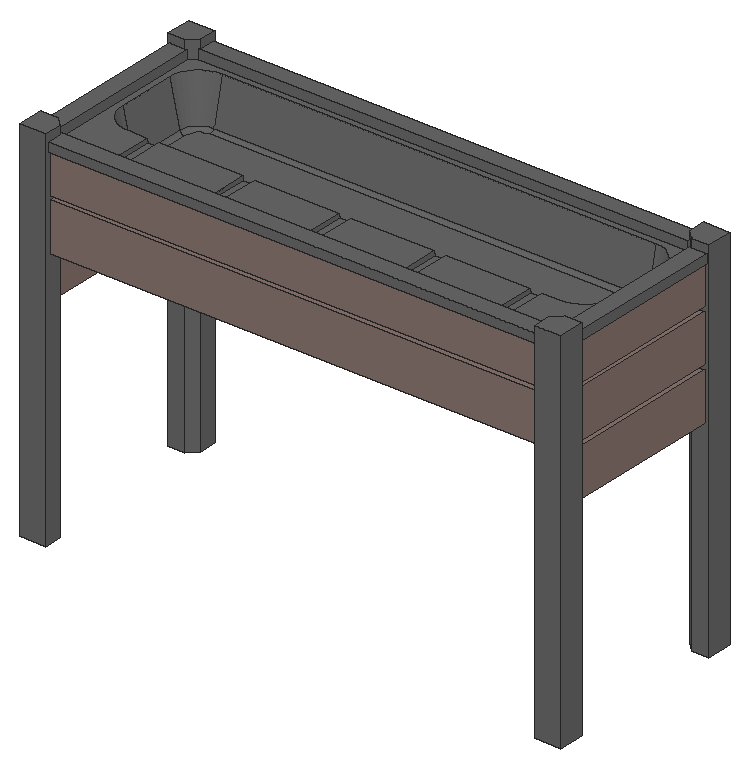
Revit family "Planter-Elevated_ADA-CityScapes-Planx", category Specialty Equipment, Revit 2026
Family settings
  Round Connector Dimension = Use Diameter
  Part Type = Normal
  Work Plane-Based = No
  Enable Cutting in Views = No
  Always vertical = Yes
  Cut with Voids When Loaded = No
  Maintain Annotation Orientation = No
  Shared = No
  Room Calculation Point = No
Parameters (values of type "24”x62”x34” ADA")
  Width = 62 1/4"
  URL = "https://cityscapesinc.com/"
  Specification = "https://www.arcat.com/company/cityscapes-international-inc-40042/spec"
  Product Page URL = "https://www.arcat.com/arcatcos/cos40/arc40042.html"
  Model = "Planx Planters - Elevated Planters Series ADA"
  Manufacturer = "CityScapes"  # constant formula
  Length = 24 1/4"
  Keynote = "32 94 33"
  Height = 42"
  Frame Material [instance] = Aluminum - CityScapes - Electric Black
  Description = "Elevated Planter ADA"
  Default Elevation = 0"
  Copyright = "© 2023 ARCAT"  # constant formula
  CAD Details = "https://www.arcat.com/company/cityscapes-international-inc-40042/cad"
  Board Material [instance] = PVC Board - CityScapes - Sequoia
Reference planes (in)
  plane 1 "Center (Front/Back)": y = 0
  plane 2: z = 0
  plane 3 "Center (Left/Right)": x = 0
  plane 4: x = 31.125
  plane 5: x = -31.125
  plane 6: y = 12.125
  plane 7: y = -12.125
  plane 8: z = 42
Forms (in)
  Extrusion 1, solid, material "Aluminum - CityScapes - Electric Black" <- "Frame Material"
    sketch origin (0, 0, 0) x (1, 0, 0) y (0, 1, 0)
      loop
        line (31.125, 12.125) -> (28.125, 12.125) -> (28.125, 10.125) -> (29.125, 9.125) -> (31.125, 9.125) -> (31.125, 12.125)
      loop
        line (31.125, -12.125) -> (31.125, -9.125) -> (29.125, -9.125) -> (28.125, -10.125) -> (28.125, -12.125) -> (31.125, -12.125)
      loop
        line (-31.125, 12.125) -> (-31.125, 9.125) -> (-29.125, 9.125) -> (-28.125, 10.125) -> (-28.125, 12.125) -> (-31.125, 12.125)
      loop
        line (-31.125, -12.125) -> (-28.125, -12.125) -> (-28.125, -10.125) -> (-29.125, -9.125) -> (-31.125, -9.125) -> (-31.125, -12.125)
    from 0 to 42.50009
  Sweep 2, solid, material "PVC Board - CityScapes - Sequoia" <- "Board Material"
    path origin (0, 0, 0) x (1, 0, 0) y (0, 1, 0)
      loop
        line (31.125, -9.125) -> (31.125, 0) -> (31.125, 12.125) -> (-31.125, 12.125) -> (-31.125, -9.125)
    profile origin (31.125, 6.0625, 0) x (-1, 0, 0) y (0, 0, 1)
      loop
        line (0.5, 40.5) -> (0.5, 36) -> (1.375, 36) -> (1.375, 35.5) -> (0.5, 35.5) -> (0.5, 30) -> (1.375, 30) -> (1.375, 29.5) -> (0.5, 29.5) -> (0.5, 24) -> (2, 24) -> (2, 40.5) -> (0.5, 40.5)
  Extrusion 3, solid, material "PVC Board - CityScapes - Sequoia" <- "Board Material"
    sketch origin (0, 0, 0) x (0, 1, 0) y (0, 0, 1)
      loop
        line (-11.625, 40.5) -> (-11.625, 36.00001) -> (-10.75, 36.00001) -> (-10.75, 35.50001) -> (-11.625, 35.50001) -> (-11.625, 30.00001) -> (-10.125, 30.00001) -> (-10.125, 40.5) -> (-11.625, 40.5)
    from -29.125 to 29.125
  Sweep 4, solid, material "Aluminum - CityScapes - Electric Black" <- "Frame Material"
    path origin (0, 0, 0) x (1, 0, 0) y (0, 1, 0)
      loop
        arc (-24.85, 8) -> (-26.44099, 7.34099) -> (-27.1, 5.75) r 2.25
        line (-27.1, 5.75) -> (-27.1, -0.975)
        arc (-27.1, -0.975) -> (-26.44099, -2.56599) -> (-24.85, -3.225) r 2.25
        line (-24.85, -3.225) -> (24.85, -3.225)
        arc (24.85, -3.225) -> (26.52938, -2.52938) -> (27.225, -0.85) r 2.375
        line (27.225, -0.85) -> (27.225, 5.75)
        arc (27.225, 5.75) -> (26.56599, 7.34099) -> (24.975, 8) r 2.25
        line (24.975, 8) -> (-24.85, 8)
    profile origin (0.0625, 8, 0) x (0, 1, 0) y (0, 0, 1)
      loop
        line (-0.70326, 35) -> (-0.70326, 34.75) -> (0.08878, 34.75) -> (1.38124, 40.5) -> (1.125, 40.5) -> (-0.02352, 35.39035)
        arc (-0.02352, 35.39035) -> (-0.19896, 35.1096) -> (-0.51135, 35) r 0.5
        line (-0.51135, 35) -> (-0.70326, 35)
  Extrusion 5, solid, material "Aluminum - CityScapes - Electric Black" <- "Frame Material"
    sketch origin (0, 0, 0) x (1, 0, 0) y (0, 1, 0)
      loop
        line (28.125, -10.125) -> (29.125, -9.125) -> (29.125, 9.125) -> (28.125, 10.125) -> (-28.125, 10.125) -> (-29.125, 9.125) -> (-29.125, -9.125) -> (-28.125, -10.125) -> (28.125, -10.125)
      loop
        line (24.975, 9.125) -> (-24.85, 9.125)
        arc (-24.85, 9.125) -> (-27.23649, 8.13649) -> (-28.225, 5.75) r 3.375
        line (-28.225, 5.75) -> (-28.225, -0.975)
        arc (-28.225, -0.975) -> (-27.23649, -3.36149) -> (-24.85, -4.35001) r 3.375
        line (-24.85, -4.35001) -> (24.85, -4.35001)
        arc (24.85, -4.35001) -> (27.32487, -3.32488) -> (28.35, -0.85) r 3.5
        line (28.35, -0.85) -> (28.35, 5.75)
        arc (28.35, 5.75) -> (27.36149, 8.13649) -> (24.975, 9.125) r 3.375
    from 39.5 to 40.5
  Extrusion 6, void
    sketch origin (0, 0, 0) x (1, 0, 0) y (0, 1, 0)
      loop
        line (-22.75, -8.675) -> (-21.375, -8.675) -> (-21.375, -3.8) -> (-22.75, -3.8) -> (-22.75, -8.675)
      loop
        line (-11.75, -8.675) -> (-10.375, -8.675) -> (-10.375, -3.8) -> (-11.75, -3.8) -> (-11.75, -8.675)
      loop
        line (-0.6875, -8.675) -> (0.6875, -8.675) -> (0.6875, -3.8) -> (-0.6875, -3.8) -> (-0.6875, -8.675)
      loop
        line (10.3125, -8.675) -> (11.6875, -8.675) -> (11.6875, -3.8) -> (10.3125, -3.8) -> (10.3125, -8.675)
      loop
        line (21.3125, -8.675) -> (22.6875, -8.675) -> (22.6875, -3.8) -> (21.3125, -3.8) -> (21.3125, -8.675)
    from 40 to 40.5
  Extrusion 7, solid, material "Aluminum - CityScapes - Electric Black" <- "Frame Material"
    sketch origin (0, 0, 0) x (1, 0, 0) y (0, 1, 0)
      loop
        arc (24.85, -2.52175) -> (26.0321, -2.0321) -> (26.52174, -0.85) r 1.67174
        line (26.52174, -0.85) -> (26.52174, 5.75)
        arc (26.52174, 5.75) -> (26.06871, 6.84371) -> (24.975, 7.29674) r 1.54674
        line (24.975, 7.29674) -> (-24.85, 7.29674)
        arc (-24.85, 7.29674) -> (-25.94371, 6.84371) -> (-26.39674, 5.75) r 1.54674
        line (-26.39674, 5.75) -> (-26.39674, -0.975)
        arc (-26.39674, -0.975) -> (-25.94371, -2.06872) -> (-24.85, -2.52175) r 1.54674
        line (-24.85, -2.52175) -> (24.85, -2.52175)
    from 34.75 to 35
  Extrusion 8, solid, material "Aluminum - CityScapes - Electric Black" <- "Frame Material"
    sketch origin (0, 0, 0) x (1, 0, 0) y (0, 1, 0)
      loop
        line (-28.125, 9.875) -> (28.125, 9.875) -> (28.125, 11.87499) -> (-28.125, 11.87499) -> (-28.125, 9.875)
      loop
        line (-30.875, 9.125) -> (-30.875, -9.125) -> (-28.875, -9.125) -> (-28.875, 9.125) -> (-30.875, 9.125)
      loop
        line (28.125, -9.875) -> (-28.125, -9.875) -> (-28.125, -11.875) -> (28.125, -11.875) -> (28.125, -9.875)
      loop
        line (28.875, -9.125) -> (30.875, -9.125) -> (30.875, 9.125) -> (28.875, 9.125) -> (28.875, -9.125)
    from 40.5 to 41.575
Cuts and joins
  joined: Sweep 2, Extrusion 3
  Extrusion 6 cuts Sweep 4
  Extrusion 6 cuts Extrusion 5
  joined: Sweep 4, Extrusion 5, Extrusion 7
Dimensions and locks (in)
  "Width": plane 5 to plane 4
  equal spacing: plane 5, plane 3 "Center (Left/Right)", plane 4
  "Length": plane 6 to plane 7
  equal spacing: plane 6, plane 1 "Center (Front/Back)", plane 7
  "Height": plane 8 to level
  locked: Extrusion 1 sketch curve to plane 4 at 3  (x2)
  locked: plane 6 to Extrusion 1 sketch curve at 3  (x2)
  locked: Extrusion 1 sketch curve to plane 7 at 3  (x2)
  locked: plane 5 to Extrusion 1 sketch curve at 3  (x2)
  locked: Sweep 2 sketch curve to Sweep 2 sketch curve at 1.5
  plane 5 to Sweep 4 sketch curve = 4.025"
  plane 6 to Sweep 4 sketch curve = 4 1/8"
  Sweep 4 sketch curve to plane 7 = 8.9"
  locked: Extrusion 1 to plane 8 at 0.50009
  locked: Extrusion 5 to Extrusion 5 at 1
  locked: Extrusion 6 to Extrusion 6 at 0.5
  aligned and locked: plane 2 to level
  aligned and locked: Extrusion 1 sketch curve to plane 4
  aligned and locked: plane 6 to Extrusion 1 sketch curve
  aligned and locked: Extrusion 1 sketch curve to plane 6
  aligned and locked: Extrusion 1 sketch curve to plane 5
  aligned and locked: Extrusion 1 sketch curve to plane 7
  aligned and locked: plane 5 to Extrusion 1 sketch curve
  aligned and locked: plane 4 to Extrusion 1 sketch curve
  aligned and locked: plane 7 to Extrusion 1 sketch curve
  aligned and locked: plane 4 to Sweep 2 sketch curve
  aligned and locked: plane 6 to Sweep 2 sketch curve
  aligned and locked: Sweep 2 sketch curve to plane 5
  aligned and locked: Extrusion 1 to Extrusion 3
  aligned and locked: Extrusion 3 to Extrusion 1
Automatic sketch dimensions
  Extrusion 1 sketch curve to Extrusion 1 sketch curve = 1"  (x8)
  plane 1 "Center (Front/Back)" to Sweep 2 sketch curve = 0"
  plane 7 to Sweep 2 sketch curve = 3"  (x2)
  Sweep 2 sketch curve to profile plane = 1/2"  (x2)
  Sweep 2 sketch curve to Sweep 2 sketch curve = 0"
  Sweep 2 sketch curve to Sweep 2 sketch curve = 7/8"  (x2)
  level to Sweep 2 sketch curve = 24"
  Sweep 2 sketch curve to Sweep 2 sketch curve = 5 1/2"  (x2)
  Sweep 2 sketch curve to Sweep 2 sketch curve = 1/2"  (x2)
  Sweep 2 sketch curve to Sweep 2 sketch curve = 4 1/2"
  plane 7 to Extrusion 3 sketch curve = 1/2"  (x2)
  Extrusion 3 sketch curve to Extrusion 3 sketch curve = 7/8"
  Extrusion 3 sketch curve to Extrusion 3 sketch curve = 1 1/2"
  Extrusion 3 sketch curve to plane 8 = 12"
  Extrusion 3 sketch curve to Extrusion 3 sketch curve = 5 1/2"
  Extrusion 3 sketch curve to Extrusion 3 sketch curve = 1/2"
  Extrusion 3 sketch curve to plane 8 = 1 1/2"
  Sweep 4 sketch curve to profile plane = 0.08878"
  Sweep 4 sketch curve to Sweep 4 sketch curve = 0.1123"
  Sweep 4 sketch curve to Sweep 4 sketch curve = 0.48783"
  Sweep 4 sketch curve to Sweep 4 sketch curve = 0.19191"
  Sweep 4 sketch curve to Sweep 4 sketch curve = 1/4"
  Sweep 4 sketch curve to Sweep 4 sketch curve = 0.39035"
  Sweep 4 sketch curve to Sweep 4 sketch curve = 2 1/4"  (x3)
  plane 1 "Center (Front/Back)" to Sweep 4 sketch curve = 0.85"
  Sweep 4 sketch curve to plane 4 = 6.275"
  profile plane to Sweep 4 sketch curve = 40 1/2"
  Sweep 4 sketch curve to Sweep 4 sketch curve = 0.25624"
  Sweep 4 sketch curve to profile plane = 1 1/8"
  profile plane to Sweep 4 sketch curve = 35 1/2"
  plane 5 to Extrusion 5 sketch curve = 3"
  plane 7 to Extrusion 5 sketch curve = 2"
  Extrusion 5 sketch curve to plane 4 = 3"
  Extrusion 5 sketch curve to plane 6 = 3"  (x2)
  plane 1 "Center (Front/Back)" to Extrusion 6 sketch curve = 3.8"  (x5)
  plane 5 to Extrusion 6 sketch curve = 8 3/8"
  Extrusion 6 sketch curve to Extrusion 6 sketch curve = 1 3/8"  (x4)
  plane 7 to Extrusion 6 sketch curve = 3.45"  (x5)
  Extrusion 6 sketch curve to Extrusion 6 sketch curve = 9 5/8"  (x3)
  Extrusion 6 sketch curve to plane 3 "Center (Left/Right)" = 11/16"
  plane 3 "Center (Left/Right)" to Extrusion 6 sketch curve = 11/16"
  Extrusion 8 sketch curve to plane 4 = 1/4"
  Extrusion 8 sketch curve to Extrusion 8 sketch curve = 2"  (x2)
  Extrusion 8 sketch curve to plane 4 = 3"
  Extrusion 8 sketch curve to Extrusion 8 sketch curve = 3/4"  (x5)
  plane 7 to Extrusion 8 sketch curve = 1/4"
  plane 5 to Extrusion 8 sketch curve = 3"  (x2)
  Extrusion 8 sketch curve to Extrusion 8 sketch curve = 2 3/4"
  Extrusion 8 sketch curve to plane 6 = 3"
  Extrusion 8 sketch curve to plane 6 = 1/4"
  plane 5 to Extrusion 8 sketch curve = 1/4"
  plane 1 "Center (Front/Back)" to Extrusion 7 sketch curve = 0.975"
  plane 5 to Extrusion 7 sketch curve = 4.72826"
  Extrusion 7 sketch curve to Extrusion 7 sketch curve = 1.54674"  (x2)
  Extrusion 7 sketch curve to plane 4 = 6.275"
  Extrusion 7 sketch curve to plane 4 = 6.15"
  plane 1 "Center (Front/Back)" to Extrusion 7 sketch curve = 0.85"
  Extrusion 7 sketch curve to plane 1 "Center (Front/Back)" = 5 3/4"
  Extrusion 5 sketch curve to Extrusion 5 sketch curve = 4.275"
  Extrusion 5 sketch curve to plane 1 "Center (Front/Back)" = 5 3/4"
  Extrusion 5 sketch curve to Extrusion 5 sketch curve = 3.15"
  plane 1 "Center (Front/Back)" to Extrusion 5 sketch curve = 0.975"
  Extrusion 5 sketch curve to Extrusion 5 sketch curve = 3 3/8"  (x2)
  plane 1 "Center (Front/Back)" to Extrusion 5 sketch curve = 0.85"
  Extrusion 5 sketch curve to Extrusion 5 sketch curve = 4 3/8"
  Extrusion 5 sketch curve to Extrusion 5 sketch curve = 1"  (x5)
  Extrusion 5 sketch curve to plane 4 = 6.275"
  plane 5 to Extrusion 5 sketch curve = 2.9"
